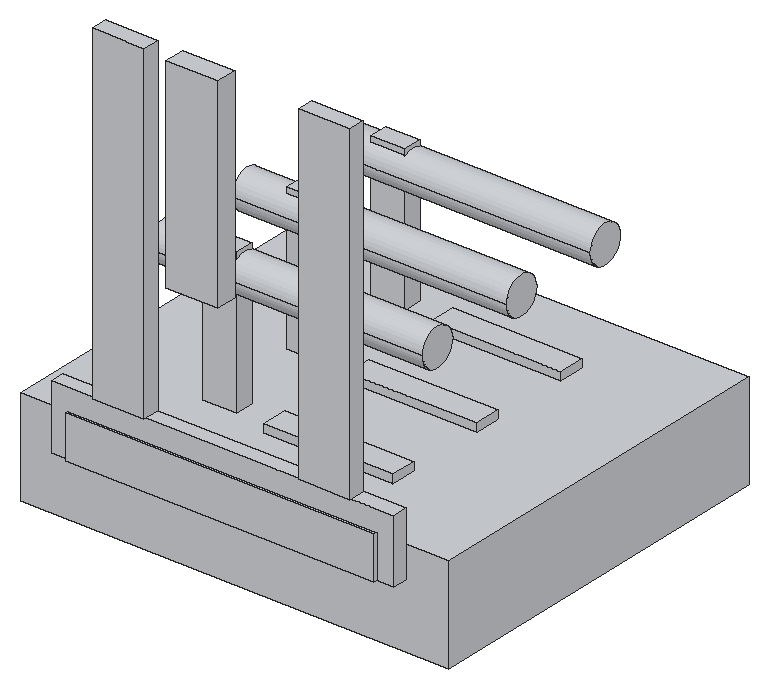
Revit family "GIS_EarthingSwitch", category Modelos genéricos, Revit 2027
Family settings
  Pode hospedar o vergalhão = Não
  Cota do conector redondo = Utilizar diâmetro
  Tipo de parte = Normal
  Com base no plano de trabalho = Não
  Sempre na vertical = Sim
  Corte com vazios quando carregada = Não
  Manter orientação da anotação = Não
  Compartilhado = Não
  Ponto de cálculo do ambiente = Não
Parameters (values of type "GIS_ES_145KV_STUDY")
  Elevação padrão = 0 mm
  BIM_TensaoSecundaria_kV = 0
  BIM_TensaoNominal_kV = 138
  BIM_TensaoClasse_kV = 145
  BIM_TensaoClasseSecundaria_kV = 0
  BIM_TensaoAuxiliarCA_kV = 0
  BIM_Sistema_Elemento [instance] = ""
  BIM_ReferenciaCatalogo = "Portfolio estimate; no model-specific outline drawing supplied"
  BIM_Profundidade = 700 mm
  BIM_Potencia_MVA = 0
  BIM_Localizacao [instance] = ""
  BIM_Largura = 800 mm
  BIM_Impedancia_pu = 0
  BIM_FonteGeometria = "Portfolio estimate; no model-specific outline drawing supplied"
  BIM_Fabricante = "NAO SELECIONADO"
  BIM_EstadoGeometria = "ESTIMATED"
  BIM_EstadoEspecificacao = "PREMISSA / NAO SELECIONADO"
  BIM_DescricaoEstudo = "Chave de aterramento GIS conceitual; capacidade de fechamento pendente."
  BIM_CorrenteReferenciaSecundaria_A = 0
  BIM_CorrenteNominal_A = 0
  BIM_Bay [instance] = ""
  BIM_AlturaCorpoPrincipal = 180 mm
  BIM_Altura = 1000 mm
Reference planes
  plane 1 "Centro (Frente/Trás)": y = 0
  plane 2: z = 0
  plane 3 "Centro (Esquerda/Direita)": x = 0
  plane 4 "BIM Left": x = -400
  plane 5 "BIM Right": x = 400
  plane 6 "BIM Front": y = -350
  plane 7 "BIM Back": y = 350
Forms (mm)
  Extrusion 1, solid
    sketch origin (0, 0, 0) x (1, 0, 0) y (0, 1, 0)
      loop
        line (-400, -350) -> (400, -350) -> (400, 350) -> (-400, 350) -> (-400, -350)
    from 0 to 180 <- "BIM_AlturaCorpoPrincipal"
  Extrusion 2, solid
    sketch origin (0, 0, 120) x (1, 0, 0) y (0, 1, 0)
      loop
        line (-320, -377.432) -> (320, -377.432) -> (320, -350) -> (-320, -350) -> (-320, -377.432)
    from 0 to 120
  Extrusion 3, solid
    sketch origin (0, 0, 240) x (1, 0, 0) y (0, 1, 0)
      loop
        line (-240, -380.48) -> (-144, -380.48) -> (-144, -350) -> (-240, -350) -> (-240, -380.48)
    from 0 to 620
  Extrusion 4, solid
    sketch origin (0, 0, 240) x (1, 0, 0) y (0, 1, 0)
      loop
        line (144, -380.48) -> (240, -380.48) -> (240, -350) -> (144, -350) -> (144, -380.48)
    from 0 to 620
  Extrusion 5, solid
    sketch origin (0, 0, 480) x (1, 0, 0) y (0, 1, 0)
      loop
        line (-96, -389.624) -> (0, -389.624) -> (0, -350) -> (-96, -350) -> (-96, -389.624)
    from 0 to 380
  Extrusion 6, solid
    sketch origin (0, 0, 120) x (1, 0, 0) y (0, 1, 0)
      loop
        line (-288, -383.528) -> (288, -383.528) -> (288, -350) -> (-288, -350) -> (-288, -383.528)
    from 0 to 80
  Extrusion 7, solid
    sketch origin (-256, -196, 420) x (0, 1, 0) y (0, 0, 1)
      loop
        circle (0, 0) r 35
    from 0 to 512
  Extrusion 8, solid
    sketch origin (0, 0, 140) x (1, 0, 0) y (0, 1, 0)
      loop
        line (-48, -220.5) -> (192, -220.5) -> (192, -171.5) -> (-48, -171.5) -> (-48, -220.5)
    from 0 to 55
  Extrusion 9, solid
    sketch origin (0, 0, 190) x (1, 0, 0) y (0, 1, 0)
      loop
        line (-168, -213.5) -> (-104, -213.5) -> (-104, -178.5) -> (-168, -178.5) -> (-168, -213.5)
    from 0 to 270
  Extrusion 10, solid
    sketch origin (-256, 0, 420) x (0, 1, 0) y (0, 0, 1)
      loop
        circle (0, 0) r 35
    from 0 to 512
  Extrusion 11, solid
    sketch origin (0, 0, 140) x (1, 0, 0) y (0, 1, 0)
      loop
        line (-48, -24.5) -> (192, -24.5) -> (192, 24.5) -> (-48, 24.5) -> (-48, -24.5)
    from 0 to 55
  Extrusion 12, solid
    sketch origin (0, 0, 190) x (1, 0, 0) y (0, 1, 0)
      loop
        line (-168, -17.5) -> (-104, -17.5) -> (-104, 17.5) -> (-168, 17.5) -> (-168, -17.5)
    from 0 to 270
  Extrusion 13, solid
    sketch origin (-256, 196, 420) x (0, 1, 0) y (0, 0, 1)
      loop
        circle (0, 0) r 35
    from 0 to 512
  Extrusion 14, solid
    sketch origin (0, 0, 140) x (1, 0, 0) y (0, 1, 0)
      loop
        line (-48, 171.5) -> (192, 171.5) -> (192, 220.5) -> (-48, 220.5) -> (-48, 171.5)
    from 0 to 55
  Extrusion 15, solid
    sketch origin (0, 0, 190) x (1, 0, 0) y (0, 1, 0)
      loop
        line (-168, 178.5) -> (-104, 178.5) -> (-104, 213.5) -> (-168, 213.5) -> (-168, 178.5)
    from 0 to 270
Dimensions and locks
  "BIM_Largura": plane 4 "BIM Left" to plane 5 "BIM Right"
  "BIM_Profundidade": plane 6 "BIM Front" to plane 7 "BIM Back"
  aligned and locked: level to plane 2
  aligned and locked: plane 4 "BIM Left" to Extrusion 1
  aligned and locked: Extrusion 1 to plane 5 "BIM Right"
  aligned and locked: Extrusion 1 to plane 6 "BIM Front"
  aligned and locked: plane 7 "BIM Back" to Extrusion 1
Automatic sketch dimensions
  Extrusion 1 sketch curve to plane 4 "BIM Left" = 0 mm
  Extrusion 1 sketch curve to plane 5 "BIM Right" = 0 mm
  Extrusion 1 sketch curve to plane 6 "BIM Front" = 0 mm
  Extrusion 1 sketch curve to plane 7 "BIM Back" = 0 mm
  Extrusion 2 sketch curve to plane 6 "BIM Front" = 0 mm
  Extrusion 2 sketch curve to plane 6 "BIM Front" = 27.432 mm
  Extrusion 2 sketch curve to plane 4 "BIM Left" = 80 mm
  plane 5 "BIM Right" to Extrusion 2 sketch curve = 80 mm
  Extrusion 3 sketch curve to plane 6 "BIM Front" = 0 mm
  Extrusion 3 sketch curve to plane 6 "BIM Front" = 30.48 mm
  Extrusion 3 sketch curve to plane 4 "BIM Left" = 160 mm
  Extrusion 3 sketch curve to Extrusion 3 sketch curve = 96 mm
  Extrusion 4 sketch curve to plane 6 "BIM Front" = 0 mm
  Extrusion 4 sketch curve to plane 6 "BIM Front" = 30.48 mm
  plane 3 "Centro (Esquerda/Direita)" to Extrusion 4 sketch curve = 144 mm
  Extrusion 4 sketch curve to Extrusion 4 sketch curve = 96 mm
  Extrusion 5 sketch curve to plane 6 "BIM Front" = 0 mm
  Extrusion 5 sketch curve to plane 3 "Centro (Esquerda/Direita)" = 0 mm
  Extrusion 5 sketch curve to plane 6 "BIM Front" = 39.624 mm
  Extrusion 5 sketch curve to plane 3 "Centro (Esquerda/Direita)" = 96 mm
  Extrusion 6 sketch curve to plane 6 "BIM Front" = 0 mm
  Extrusion 6 sketch curve to plane 6 "BIM Front" = 33.528 mm
  Extrusion 6 sketch curve to plane 4 "BIM Left" = 112 mm
  plane 5 "BIM Right" to Extrusion 6 sketch curve = 112 mm
  Extrusion 7 sketch curve to Extrusion 7 sketch curve = 0 mm  (x2)
  plane 6 "BIM Front" to Extrusion 7 sketch curve = 154 mm
  level to Extrusion 7 sketch curve = 420 mm
  Extrusion 7 sketch curve to Extrusion 7 sketch curve = 35 mm
  Extrusion 8 sketch curve to plane 3 "Centro (Esquerda/Direita)" = 48 mm
  plane 3 "Centro (Esquerda/Direita)" to Extrusion 8 sketch curve = 192 mm
  plane 6 "BIM Front" to Extrusion 8 sketch curve = 129.5 mm
  Extrusion 8 sketch curve to Extrusion 8 sketch curve = 49 mm
  Extrusion 9 sketch curve to plane 3 "Centro (Esquerda/Direita)" = 168 mm
  Extrusion 9 sketch curve to Extrusion 9 sketch curve = 64 mm
  plane 6 "BIM Front" to Extrusion 9 sketch curve = 136.5 mm
  Extrusion 9 sketch curve to Extrusion 9 sketch curve = 35 mm
  Extrusion 10 sketch curve to Extrusion 10 sketch curve = 0 mm  (x2)
  Extrusion 10 sketch curve to plane 1 "Centro (Frente/Trás)" = 0 mm
  level to Extrusion 10 sketch curve = 420 mm
  plane 1 "Centro (Frente/Trás)" to Extrusion 10 sketch curve = 35 mm
  Extrusion 11 sketch curve to plane 3 "Centro (Esquerda/Direita)" = 48 mm
  Extrusion 11 sketch curve to plane 1 "Centro (Frente/Trás)" = 24.5 mm
  plane 3 "Centro (Esquerda/Direita)" to Extrusion 11 sketch curve = 192 mm
  plane 1 "Centro (Frente/Trás)" to Extrusion 11 sketch curve = 24.5 mm
  plane 1 "Centro (Frente/Trás)" to Extrusion 12 sketch curve = 17.5 mm
  Extrusion 12 sketch curve to plane 3 "Centro (Esquerda/Direita)" = 168 mm
  Extrusion 12 sketch curve to plane 1 "Centro (Frente/Trás)" = 17.5 mm
  Extrusion 12 sketch curve to Extrusion 12 sketch curve = 64 mm
  Extrusion 13 sketch curve to Extrusion 13 sketch curve = 0 mm  (x2)
  Extrusion 13 sketch curve to plane 7 "BIM Back" = 154 mm
  level to Extrusion 13 sketch curve = 420 mm
  Extrusion 13 sketch curve to Extrusion 13 sketch curve = 35 mm
  Extrusion 14 sketch curve to plane 3 "Centro (Esquerda/Direita)" = 48 mm
  plane 3 "Centro (Esquerda/Direita)" to Extrusion 14 sketch curve = 192 mm
  Extrusion 14 sketch curve to plane 1 "Centro (Frente/Trás)" = 171.5 mm
  Extrusion 14 sketch curve to Extrusion 14 sketch curve = 49 mm
  Extrusion 15 sketch curve to plane 3 "Centro (Esquerda/Direita)" = 168 mm
  Extrusion 15 sketch curve to Extrusion 15 sketch curve = 64 mm
  Extrusion 15 sketch curve to plane 7 "BIM Back" = 171.5 mm
  Extrusion 15 sketch curve to Extrusion 15 sketch curve = 35 mm
